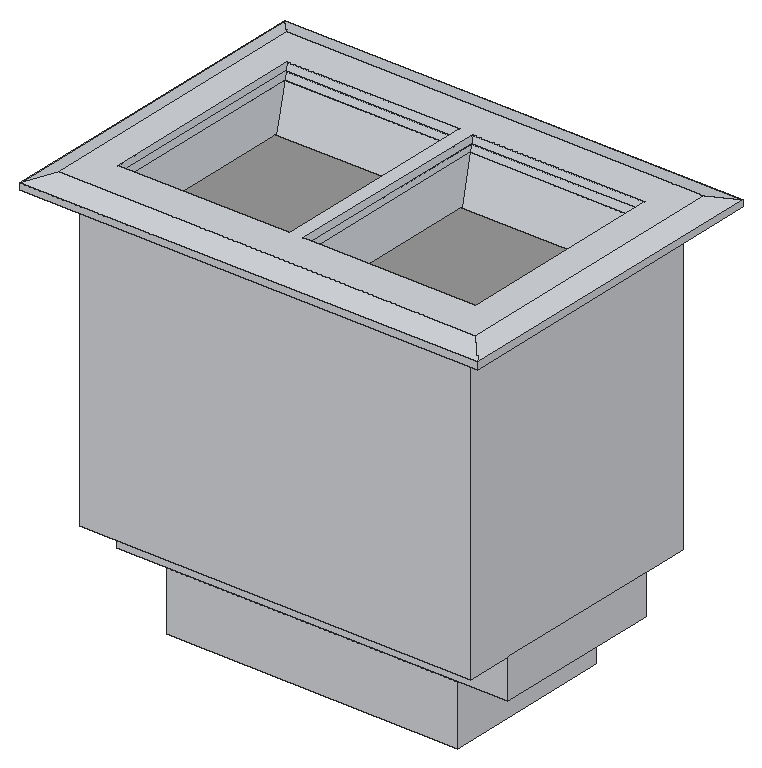
Revit family "2061377 Sylvania Lighting Fixture DOMINO 2xLED 940 BLACK MB TRIM WHITE DALI", category Lighting Fixtures, host Face, Revit 2018
Family settings
  Host = Face
  Round Connector Dimension = Use Diameter
  Part Type = Normal
  OmniClass Number = 23.80.70.00
  OmniClass Title = Lighting
  Cut with Voids When Loaded = No
  Light Source = Yes
  Shared = No
  Room Calculation Point = No
Parameters (values of type "2061377 DOMINO 2XLED 940 BLACK MB TR WHT DALI")
  top top length = 44 mm
  Width = 50 mm
  Weight = "n/a"
  Wattage Comments = ""
  Wattage = 9.2903 W
  WarrantyStartDate [instance] = "n/a"
  WarrantyGuarantorParts = "n/a"
  WarrantyDurationUnit = "n/a"
  WarrantyDurationParts = ""
  WarrantyDescription = "http://www.sylvania-lighting.com"
  built-in parameter 1150110 = 1 (stored number, unit not read)
  Voltage = 0 V
  URL = "0.96"
  TypeName = "DOMINO 2xLED 940 BLACK MB TRIM WHITE DALI"
  Type Image = <None>
  Type Comments = "n/a"
  built-in parameter 1114217 = 1 (stored number, unit not read)
  Top Width = 26 mm
  Tilt Angle = 90.00°
  built-in parameter 1150109 = 1 (stored number, unit not read)
  built-in parameter 1150134 = 3
  built-in parameter 1150113 = 1 (stored number, unit not read)
  SerialNumber [instance] = "n/a"
  Recessed Width = 43 mm
  Recessed Length = 63 mm
  Photometric Web File = "2061377.ies"
  Material_3_FEILO = none
  PowerFactor = 0
  PowerConsumption = "Lighting"
  NominalLength = 50 mm
  NominalHeight = 0 mm
  NominalDepth = 0 mm
  Name = "DOMINO 2xLED 940 BLACK MB TRIM WHITE DALI"
  ModelReference = Name  # "DOMINO 2xLED 940 BLACK MB TRIM WHITE DALI"
  ModelNumber = "2061377"
  Model = Name  # "DOMINO 2xLED 940 BLACK MB TRIM WHITE DALI"
  Material = "Feilo Sylvania"
  ManufacturerName = "58 lm/W"
  Manufacturer = ""
  LuminousEfficacy = ""
  built-in parameter 1150105 = 109.82 (stored number, unit not read)
  Lumens = 1380 lm
  LuminaireType = "0"
  built-in parameter 1150115 = 1 (stored number, unit not read)
  LightOutputRatio = "LED"
  built-in parameter 1150137 = (empty or 0)
  built-in parameter 1150139 = (empty or 0)
  Lens Width = 32 mm
  Lens = Glass, White, High Luminance
  Length = 69 mm
  LampsType = Lamp  # "n/a"
  LampNominalLuminous = "4000 K"
  LampMacAdamStep = "90"
  LampColourTemperature = "LED"
  LampColourRenderingIndex = "16500"
  built-in parameter 1150112 = 1 (stored number, unit not read)
  built-in parameter 1150114 = 1 (stored number, unit not read)
  Lamp = "n/a"
  Keynote = "n/a"
  InstallationDate [instance] = "n/a"
  InputVoltage = "0"
  InputNominalFrequency = "4000"
  built-in parameter 1150132 = (empty or 0)
  built-in parameter 1150102 = (empty or 0)
  built-in parameter 1150107 = 3200 (stored number, unit not read)
  built-in parameter 1150138 = (empty or 0)
  IngressProtection = "IfcLightFixtureType"
  ImpactProtectionIndex = "IfcLightFixtureType"
  built-in parameter 1150106 = 1.0982 (stored number, unit not read)
  IfcExportType = "IfcLightFixtureType"
  IfcExportAs = "Class II"
  Facia internal width = 37 mm
  Facia internal length = 56 mm
  Facia Height = 2 mm
  ExpectedLife = 50000
  Emit from Circle Diameter = 609.6 mm
  Emit Shape Visible in Rendering = no
  ElectricShockClassification = "58"
  built-in parameter 1150104 = 13.8 (stored number, unit not read)
  DurationUnit = "hours"
  DocumentationLiterature = "http://www.sylvania-lighting.com/product/en-int/products/2061377"
  DimmingControlOptions = "n/a"
  Material_2_FEILO = none
  Dimming Lamp Color Temperature Shift = <None>
  Description = "Modular LED recessed linear spotlight, ideal for retail and hospitality applications. Die-cast aluminium body, passive cooling. Two levels of reflector installation, low glaring UGR<16. 2x LED source, 30° beam angle , optics: PMMA lens and polycarbonate reflector combination, Black matt reflector finish. Light color temperature: 4000K neutral white, total system power: 6W , total fixture lumen output: 345lm, efficacy: 58 lm/W, Ra90 typical, LED chromacity: 3 step MacAdam ellipse (SDCM3), lifespan: 96,000 hours at 90% of the original output (L90B10), IR/UV free light source without heat radiation, operating voltage: 220-240V / 50-60Hz, electronic driver, ultra low flicker, DALI , electrical protection: Class II. Degree of Protection: IP40/IP20, suitable for indoor environment only. Ceiling cut-out: 43x43mm, outer dimensions:  70x50mm trim frame RAL 9016 - Traffic white / Bezel color.5 years Warranty."
  Default Elevation = 1219.2 mm
  CreatedOn = "10/02/2021"
  CreatedBy = "harvey.smart@sylvania-lighting.com"
  Cost = 0
  Color Filter = 16777215
  built-in parameter 1114216 [instance] = (empty or 0)
  ClassificationValue = "EF_70_80"
  ClassificationName = "Uniclass2015"
  Material_1_FEILO = none
  Body Width = 40 mm
  Body Length = 59 mm
  BarCode [instance] = "n/a"
  built-in parameter 1114218 = 1 (stored number, unit not read)
  built-in parameter 1150133 = 10 (stored number, unit not read)
  AssetType = "Fixed"
  AssetIdentifier [instance] = "n/a"
  Assembly Code = "D5020200"
  Apparent Load = 6 VA
  Material_4_FEILO = none
Reference planes
  plane 1 "Center (Front/Back)": y = 0
  plane 2: z = 0
  plane 3 "Center (Left/Right)": x = 0
  plane 4: z = 0
  plane 5: z = -7
  plane 6: z = -45.895
  plane 7: z = -51.895
  plane 8: z = -60.895
  plane 9: x = -31.5
  plane 10: x = 31.5
  plane 11: y = 21.5
  plane 12: y = -21.5
  plane 13: x = -34.5
  plane 14: x = 34.5
  plane 15: y = 25
  plane 16: y = -25
  plane 17: x = 28
  plane 18: x = -28
  plane 19: y = 18.5
  plane 20: y = -18.5
  plane 21: z = 2
  plane 22: x = -29.5
  plane 23: x = 29.5
  plane 24: y = 20
  plane 25: y = -20
  plane 26: y = 13
  plane 27: y = -13
  plane 28: x = 22
  plane 29: y = 16
  plane 30: y = -16
  plane 31: x = -27
  plane 32: x = -1
  plane 33: x = -26
  plane 34: x = -2
  plane 35: y = 12.5
  plane 36: y = -12.5
  plane 37: x = 27
  plane 38: x = 1
  plane 39: x = 2
  plane 40: x = 26.026
Forms (mm)
  Extrusion 1, solid, not visible, detail levels medium+fine
    sketch origin (4.2, 0, 0) x (1, 0, 0) y (0, 1, 0)
      loop
        line (-29.2, 34.5) -> (-29.2, -34.5) -> (20.8, -34.5) -> (20.8, 34.5) -> (-29.2, 34.5)
    from 0 to 1
  Extrusion 2, solid, not visible, detail levels medium+fine
    sketch origin (4.044, 0, 0) x (1, 0, 0) y (0, 1, 0)
      loop
        line (-29.2, 34.5) -> (-29.2, -34.5) -> (20.8, -34.5) -> (20.8, 34.5) -> (-29.2, 34.5)
    from 0 to 1
  Blend 3, solid, not visible, detail levels medium+fine
    base sketch origin (4.2, 0, 0) x (1, 0, 0) y (0, 1, 0)
      loop
        line (-29.2, 34.5) -> (-29.2, -34.5) -> (20.8, -34.5) -> (20.8, 34.5) -> (-29.2, 34.5)
    top sketch origin (4.2, 0, 0) x (1, 0, 0) y (0, 1, 0)
      loop
        line (-21.7, 28) -> (-21.7, -28) -> (13.3, -28) -> (13.3, 28) -> (-21.7, 28)
    from 1 to 3
  Extrusion 4, solid, not visible, detail levels medium+fine
    sketch origin (3.419, 0, 0) x (1, 0, 0) y (0, 1, 0)
      loop
        line (-29.2, 34.5) -> (-29.2, -34.5) -> (20.8, -34.5) -> (20.8, 34.5) -> (-29.2, 34.5)
    from 0 to 1
  Blend 5, solid, not visible, detail levels medium+fine
    base sketch origin (3.575, 0, 0) x (1, 0, 0) y (0, 1, 0)
      loop
        line (-29.2, 34.5) -> (-29.2, -34.5) -> (20.8, -34.5) -> (20.8, 34.5) -> (-29.2, 34.5)
    top sketch origin (3.575, 0, 0) x (1, 0, 0) y (0, 1, 0)
      loop
        line (-21.7, 28) -> (-21.7, -28) -> (13.3, -28) -> (13.3, 28) -> (-21.7, 28)
    from 1 to 3
  Extrusion 6, solid, not visible, detail levels medium+fine
    sketch origin (4.247, 0, 0) x (1, 0, 0) y (0, 1, 0)
      loop
        line (-29.2, 34.5) -> (-29.2, -34.5) -> (20.8, -34.5) -> (20.8, 34.5) -> (-29.2, 34.5)
    from 0 to 1
  Blend 7, solid, not visible, detail levels medium+fine
    base sketch origin (4.403, 0, 0) x (1, 0, 0) y (0, 1, 0)
      loop
        line (-29.2, 34.5) -> (-29.2, -34.5) -> (20.8, -34.5) -> (20.8, 34.5) -> (-29.2, 34.5)
    top sketch origin (4.403, 0, 0) x (1, 0, 0) y (0, 1, 0)
      loop
        line (-21.7, 28) -> (-21.7, -28) -> (13.3, -28) -> (13.3, 28) -> (-21.7, 28)
    from 1 to 3
  Extrusion 8, void, detail levels medium+fine
    sketch origin (4.2, 0, 0) x (0, 1, 0) y (1, 0, 0)
      loop
        line (21.5, -35.7) -> (21.5, 27.3) -> (-21.5, 27.3) -> (-21.5, -35.7) -> (21.5, -35.7)
    from -9.934 to 83.097
  Extrusion 9, solid, detail levels medium+fine
    sketch origin (4.2, 0, 0) x (1, 0, 0) y (0, 1, 0)
      loop
        line (-38.7, 25) -> (-38.7, -25) -> (30.3, -25) -> (30.3, 25) -> (-38.7, 25)
    from 0 to 1
  Blend 10, solid, detail levels medium+fine
    base sketch origin (4.2, 0, 0) x (1, 0, 0) y (0, 1, 0)
      loop
        line (-38.7, 25) -> (-38.7, -25) -> (30.3, -25) -> (30.3, 25) -> (-38.7, 25)
    top sketch origin (4.2, 0, 0) x (1, 0, 0) y (0, 1, 0)
      loop
        line (-35.7, 21.5) -> (-35.7, -21.5) -> (27.3, -21.5) -> (27.3, 21.5) -> (-35.7, 21.5)
    from 1 to 2
  Extrusion 11, solid, detail levels medium+fine
    sketch origin (4.2, 0, 0) x (1, 0, 0) y (0, 1, 0)
      loop
        line (-33.7, 20) -> (-33.7, -20) -> (25.3, -20) -> (25.3, 20) -> (-33.7, 20)
    from 0 to -45.895
  Extrusion 12, solid, detail levels medium+fine
    sketch origin (4.2, 0, 0) x (1, 0, 0) y (0, 1, 0)
      loop
        line (-33.7, 13) -> (-33.7, -13) -> (25.3, -13) -> (25.3, 13) -> (-33.7, 13)
    from -51.895 to -45.895
  Extrusion 13, solid, detail levels fine
    sketch origin (4.2, 0, 0) x (1, 0, 0) y (0, 1, 0)
      loop
        line (-26.2, 13) -> (-26.2, -13) -> (17.8, -13) -> (17.8, 13) -> (-26.2, 13)
    from -60.895 to -51.895
  Blend 14, void, detail levels medium+fine
    base sketch origin (4.2, 0, 0) x (0, 1, 0) y (-1, 0, 0)
      loop
        line (16, 31.2) -> (-16, 31.2) -> (-16, 5.2) -> (16, 5.2) -> (16, 31.2)
    top sketch origin (4.2, 0, 0) x (0, 1, 0) y (-1, 0, 0)
      loop
        line (12.5, 30.2) -> (-12.5, 30.2) -> (-12.5, 6.2) -> (12.5, 6.2) -> (12.5, 30.2)
    from 2 to -7
  Blend 15, void, detail levels medium+fine
    base sketch origin (4.2, 0, 0) x (0, 1, 0) y (-1, 0, 0)
      loop
        line (16, 3.2) -> (-16, 3.2) -> (-16, -22.8) -> (16, -22.8) -> (16, 3.2)
    top sketch origin (4.2, 0, 0) x (0, 1, 0) y (-1, 0, 0)
      loop
        line (12.5, 2.2) -> (-12.5, 2.2) -> (-12.5, -21.826) -> (12.5, -21.826) -> (12.5, 2.2)
    from 2 to -7
  Extrusion 16, solid, material "Glass, White, High Luminance" <- "Lens", detail levels fine
    sketch origin (0, 1219.2, 38) x (1, 0, 0) y (0, 1, 0)
      loop
        line (-26, -1206.7) -> (-26, -1231.7) -> (-2, -1231.7) -> (-2, -1206.7) -> (-26, -1206.7)
    from -45 to -44
  Extrusion 17, solid, material "Glass, White, High Luminance" <- "Lens", detail levels fine
    sketch origin (4.2, 0, 0) x (1, 0, 0) y (0, 1, 0)
      loop
        line (-2.2, 12.5) -> (-2.2, -12.5) -> (21.826, -12.5) -> (21.826, 12.5) -> (-2.2, 12.5)
    from -7 to -6
  Extrusion 18, solid, detail levels coarse
    sketch origin (0, 1219.2, 38) x (1, 0, 0) y (0, 1, 0)
      loop
        line (34.5, -1194.2) -> (-34.5, -1194.2) -> (-34.5, -1244.2) -> (34.5, -1244.2) -> (34.5, -1194.2)
    from -36 to -98.895
Cuts and joins
  Blend 14, Blend 15 cuts Extrusion 9
  Blend 14, Blend 15 cuts Blend 10
  Blend 14, Blend 15 cuts Extrusion 11
Dimensions and locks
  "Recessed Length": plane 9 to plane 10
  equal spacing: plane 9, plane 3 "Center (Left/Right)", plane 10
  "Length": plane 13 to plane 14
  equal spacing: plane 13, plane 3 "Center (Left/Right)", plane 14
  "Recessed Width": plane 11 to plane 12
  equal spacing: plane 11, plane 1 "Center (Front/Back)", plane 12
  "Width": plane 15 to plane 16
  equal spacing: plane 15, plane 1 "Center (Front/Back)", plane 16
  "Facia internal length": plane 18 to plane 17
  equal spacing: plane 18, plane 3 "Center (Left/Right)", plane 17
  "Facia internal width": plane 19 to plane 20
  equal spacing: plane 19, plane 1 "Center (Front/Back)", plane 20
  "Facia Height": plane 21 to host face
  "Body Length": plane 22 to plane 23
  equal spacing: plane 22, plane 3 "Center (Left/Right)", plane 23
  "Body Width": plane 24 to plane 25
  equal spacing: plane 24, plane 1 "Center (Front/Back)", plane 25
  "Top Width": plane 26 to plane 27
  equal spacing: plane 26, plane 1 "Center (Front/Back)", plane 27
  plane 3 "Center (Left/Right)" to plane 28 = 22 mm
  "Lens Width": plane 29 to plane 30
  equal spacing: plane 29, plane 1 "Center (Front/Back)", plane 30
  aligned and locked: plane 2 to host face
  aligned and locked: level to host face
  aligned and locked: plane 21 to Blend 10
  aligned and locked: Extrusion 9 to Blend 10
  aligned and locked: plane 7 to Extrusion 13
  aligned and locked: Extrusion 12 to plane 7
  aligned and locked: Extrusion 11 to plane 6
  aligned and locked: Blend 14 to plane 5
  aligned and locked: plane 21 to Blend 14
  aligned and locked: Blend 15 to plane 5
  aligned and locked: plane 21 to Blend 15
Automatic sketch dimensions
  host sketch curve to host sketch curve = 2438.4 mm  (x2)
  Extrusion 1 sketch curve to Extrusion 1 sketch curve = 50 mm
  Extrusion 1 sketch curve to Extrusion 1 sketch curve = 69 mm
  Extrusion 2 sketch curve to Extrusion 2 sketch curve = 50 mm
  Extrusion 2 sketch curve to Extrusion 2 sketch curve = 69 mm
  Blend 3 sketch curve to Blend 3 sketch curve = 50 mm
  Blend 3 sketch curve to Blend 3 sketch curve = 69 mm
  Blend 3 sketch curve to Blend 3 sketch curve = 35 mm
  Blend 3 sketch curve to Blend 3 sketch curve = 56 mm
  Extrusion 4 sketch curve to Extrusion 4 sketch curve = 50 mm
  Extrusion 4 sketch curve to Extrusion 4 sketch curve = 69 mm
  Blend 5 sketch curve to Blend 5 sketch curve = 50 mm
  Blend 5 sketch curve to Blend 5 sketch curve = 69 mm
  Blend 5 sketch curve to Blend 5 sketch curve = 35 mm
  Blend 5 sketch curve to Blend 5 sketch curve = 56 mm
  Extrusion 6 sketch curve to Extrusion 6 sketch curve = 50 mm
  Extrusion 6 sketch curve to Extrusion 6 sketch curve = 69 mm
  Blend 7 sketch curve to Blend 7 sketch curve = 50 mm
  Blend 7 sketch curve to Blend 7 sketch curve = 69 mm
  Blend 7 sketch curve to Blend 7 sketch curve = 35 mm
  Blend 7 sketch curve to Blend 7 sketch curve = 56 mm
  Extrusion 8 sketch curve to plane 9 = 0 mm
  Extrusion 8 sketch curve to plane 12 = 0 mm
  Extrusion 8 sketch curve to plane 11 = 0 mm
  Extrusion 8 sketch curve to plane 10 = 0 mm
  Extrusion 9 sketch curve to plane 13 = 0 mm
  Extrusion 9 sketch curve to plane 14 = 0 mm
  Extrusion 9 sketch curve to plane 16 = 0 mm
  Extrusion 9 sketch curve to plane 15 = 0 mm
  Blend 10 sketch curve to plane 13 = 0 mm
  Blend 10 sketch curve to plane 14 = 0 mm
  Blend 10 sketch curve to plane 16 = 0 mm
  Blend 10 sketch curve to plane 15 = 0 mm
  Blend 10 sketch curve to plane 9 = 0 mm
  Blend 10 sketch curve to plane 10 = 0 mm
  Blend 10 sketch curve to plane 12 = 0 mm
  Blend 10 sketch curve to plane 11 = 0 mm
  Extrusion 11 sketch curve to plane 22 = 0 mm
  Extrusion 11 sketch curve to plane 23 = 0 mm
  Extrusion 11 sketch curve to plane 25 = 0 mm
  Extrusion 11 sketch curve to plane 24 = 0 mm
  Extrusion 12 sketch curve to plane 22 = 0 mm
  Extrusion 12 sketch curve to plane 23 = 0 mm
  Extrusion 12 sketch curve to plane 27 = 0 mm
  Extrusion 12 sketch curve to plane 26 = 0 mm
  Extrusion 13 sketch curve to plane 27 = 0 mm
  Extrusion 13 sketch curve to plane 28 = 0 mm
  Extrusion 13 sketch curve to plane 26 = 0 mm
  plane 18 to Extrusion 13 sketch curve = 6 mm
  Blend 14 sketch curve to plane 30 = 0 mm
  Blend 14 sketch curve to plane 29 = 0 mm
  Blend 14 sketch curve to plane 32 = 0 mm
  Blend 14 sketch curve to plane 31 = 0 mm
  Blend 14 sketch curve to plane 33 = 0 mm
  Blend 14 sketch curve to plane 36 = 0 mm
  Blend 14 sketch curve to plane 35 = 0 mm
  Blend 14 sketch curve to plane 34 = 0 mm
  Blend 15 sketch curve to plane 30 = 0 mm
  Blend 15 sketch curve to plane 29 = 0 mm
  Blend 15 sketch curve to plane 37 = 0 mm
  Blend 15 sketch curve to plane 38 = 0 mm
  Blend 15 sketch curve to plane 36 = 0 mm
  Blend 15 sketch curve to plane 35 = 0 mm
  Blend 15 sketch curve to plane 40 = 0 mm
  Blend 15 sketch curve to plane 39 = 0 mm
  plane 31 to Extrusion 16 sketch curve = 1 mm
  Extrusion 16 sketch curve to plane 11 = 9 mm
  Extrusion 16 sketch curve to plane 34 = 0 mm
  plane 1 "Center (Front/Back)" to Extrusion 16 sketch curve = 12.5 mm
  Extrusion 17 sketch curve to plane 36 = 0 mm
  Extrusion 17 sketch curve to plane 39 = 0 mm
  Extrusion 17 sketch curve to plane 40 = 0 mm
  Extrusion 17 sketch curve to plane 35 = 0 mm
  Extrusion 18 sketch curve to plane 33 = 8.5 mm
  plane 14 to Extrusion 18 sketch curve = 0 mm
  plane 16 to Extrusion 18 sketch curve = 50 mm
  Extrusion 18 sketch curve to plane 36 = 12.5 mm
